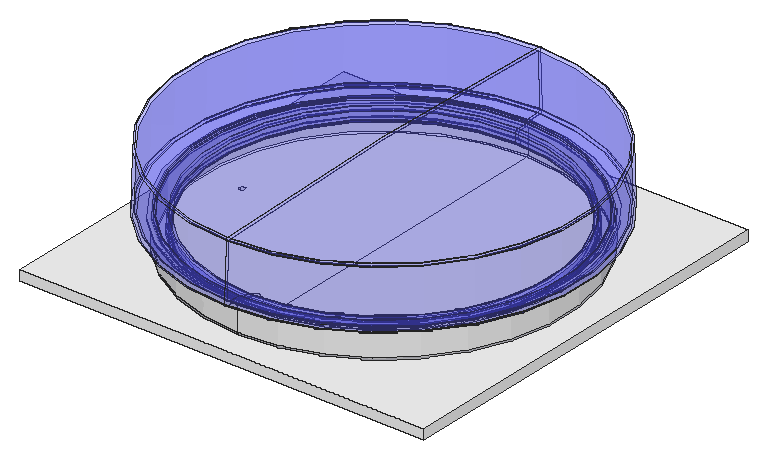
Revit family "BE_50080_de_DE", category Leuchten, Revit 2020
Family settings
  Basisbauteil = Fläche
  Bemaßung runder Anschluss = Durchmesser verwenden
  Teiletyp = Normal
  Beim Laden mit Abzugskörper schneiden = Ja
  Lichtquelle = Ja
  Gemeinsam genutzt = Nein
  Raumberechnungspunkt = Ja
Parameters (values of type "BEGA_50080_K4")
  built-in parameter 1150104 = 12.105 (stored number, unit not read)
  Wattage = 37.8 W
  Default Elevation = 0 mm
  built-in parameter 1150113 = 1 (stored number, unit not read)
  built-in parameter 1114218 = 1 (stored number, unit not read)
  Umgebungstemperatur = "25 °C"
  URL = "https://www.bega.com/de/produkt/50080"
  Typenkommentare = "© 2022 BEGA. Wir behalten uns das Recht vor, technische Änderungen ohne vorherige Ankündigung vorzunehmen."  # constant formula
  built-in parameter 1150134 = 12
  built-in parameter 1150109 = 1 (stored number, unit not read)
  Strom = ""
  built-in parameter 1150110 = 1 (stored number, unit not read)
  Spannung = 239.996 V
  Sonderanfertigung = no
  Seriennummer [instance] = "Hier können Sie die eindeutige Seriennummer für das Facility Management eintragen."
  Schutzklasse = "I"
  Schutzart = "IP 44"
  Scheinlast = 0 VA
  Produktdatenblatt = "https://cdn.bega.com/bega/products/50080K3/current/documents/data-sheets/de"
  Oberflächentemperatur = ""
  Neigungswinkel = 0.00°
  Modell = "50080K4"
  Material_17 = BEGA_Reflektor
  Material_15 = BEGA_Leuchtmedium_matt
  Material_11 = BEGA_Glas_opal
  Material_09 = BEGA_Glas_klar
  Material_06 = BEGA_Oberfläche_Edelstahl_gebürstet
  Material_03 = BEGA_Oberfläche_Weiss_matt
  Material_02 = BEGA_Oberfläche_Silber_matt
  Material_01 [instance] = BEGA_Oberfläche_Grafit_matt
  M_W = no
  M_G = no
  M_A = no
  Logo = 0
  built-in parameter 1114217 = 1 (stored number, unit not read)
  built-in parameter 1150139 = (empty or 0)
  built-in parameter 1150105 = 1359.4 (stored number, unit not read)
  built-in parameter 1150114 = 1 (stored number, unit not read)
  Lumens = 4925.34 lm
  built-in parameter 1150115 = 1 (stored number, unit not read)
  Leuchtenlichtstrom = "3457 lm"
  Leuchtenanzahl = ""
  Lebensdauerkriterien = "L70B50 @ 25 °C = 135000 h"
  Lastklassifizierung = Beleuchtung
  built-in parameter 1150112 = 1 (stored number, unit not read)
  Lampenlichtstrom = "4720 lm"
  Lampe = "LED 31.8 W"
  LED_Modulbezeichnung = "LED-0531/940"
  Hersteller = "BEGA"  # constant formula
  Halbstreuwinkel = ""
  Gewicht = "3.9 kg"
  Gebrauchslageneinschränkung [instance] = ""
  Frequenz = "0/50-60 Hz"
  Farbwiedergabeindex = "CRI > 90"
  Farbtemperaturverschiebung bei Dämpfen der Lampe = <Keine Auswahl>
  Farbtemperatur = "4000 K"
  Color Filter = 16777215
  built-in parameter 1150133 = 10 (stored number, unit not read)
  Energieeffizienzklasse = "LED A++ - A"
  built-in parameter 1150137 = (empty or 0)
  built-in parameter 1150132 = (empty or 0)
  ENEC = "ja"
  Dimmbar [instance] = "DALI"
  Datei für fotometrisches Netz = "BE_50080K4.IES"
  CE_Konformität = "ja"
  Bestellnummer = "50080K4"
  Beschreibung_Sonderanfertigung = "Hier können Sie Informationen zur Sonderanfertigung eintragen."
  Beschreibung = "Decken- und Wandleuchte"
  built-in parameter 1150106 = 13.594 (stored number, unit not read)
  Befestigungsbohrung = "Ø 5,5 mm"
  Befestigungsabstand = "280 mm"
  Ballwurfsicher = ""
  BEGA_Intern_aus = yes
  BEGA_Intern_an = yes
  BEGA_Intern_Konstruktion = yes
  BEGA_Intern = yes
  BEGA_IES = yes
  BEGA_Dummy = no
  Anschlussleitung = ""
  Anschlussleistung [instance] = "35 W"
  Anschlusskasten = ""
  built-in parameter 1150107 = 4000 (stored number, unit not read)
  built-in parameter 1150102 = (empty or 0)
  built-in parameter 1150138 = (empty or 0)
  Aktualisierung = "2022-05-18T04:00:07"
  Abstand_zur_angestrahlten_Fläche [instance] = ""
  AC/DC = "AC/DC"
Types (2, lengths in mm): name | built-in parameter 1150104 | built-in parameter 1150134 | Modell | built-in parameter 1150105 | Lumens | Leuchtenlichtstrom | Lampenlichtstrom | LED_Modulbezeichnung | Farbtemperatur | Datei für fotometrisches Netz | Bestellnummer | built-in parameter 1150106 | built-in parameter 1150107
  BEGA_50080_K3 | 11.678 (stored number, unit not read) | (empty or 0) | "50080K3" | 378.11 (stored number, unit not read) | 4751.46 lm | "3402 lm" | "4645 lm" | "LED-0531/930" | "3000 K" | "BE_50080K3.IES" | "50080K3" | 3.7811 (stored number, unit not read) | 3000 (stored number, unit not read)
  BEGA_50080_K4 | 12.105 (stored number, unit not read) | 12 | "50080K4" | 1359.4 (stored number, unit not read) | 4925.34 lm | "3457 lm" | "4720 lm" | "LED-0531/940" | "4000 K" | "BE_50080K4.IES" | "50080K4" | 13.594 (stored number, unit not read) | 4000 (stored number, unit not read)
Reference planes
  plane 1 "Mitte (Vorne/Hinten)": y = 0
  plane 2: z = 0
  plane 3 "Mitte (Links/Rechts)": x = 0
  plane 4 "Links": x = -195.9
  plane 5 "Rechts": x = 195.9
  plane 6 "Unten": y = -195.948
  plane 7 "Oben": y = 195.948
  plane 8 "Vorne": z = 100.57
  plane 9 "Hinten": z = 0
Forms (mm)
  Extrusion 1, solid, material "BEGA_Platte_Weiss"
    sketch origin (0, -1119.2, 0) x (1, 0, 0) y (0, 1, 0)
      loop
        line (-200, 1319.2) -> (-200, 919.2) -> (200, 919.2) -> (200, 1319.2) -> (-200, 1319.2)
    from 0 to -10
  Extrusion 2, solid, material "BEGA_Dummy_matt", visible <- "BEGA_Dummy"
    sketch origin (77.149, -76.023, 0) x (1, 0, 0) y (0, 1, 0)
      loop
        circle (-77.149, 76.023) r 195.901
    from 0 to 100.57
Dimensions and locks
  plane 1 "Mitte (Vorne/Hinten)" to Extrusion 1 = 200 mm
  aligned and locked: plane 2 to Extrusion 1
  aligned and locked: level to Extrusion 1
Nested families
  nested 1: "BE_50080" at (0, 0, 0), type "BE_50080"
Connectors
  electrical at (0, 0, 0), driven by "Lastklassifizierung", driven by "Spannung", driven by "Scheinlast"
    settings: index 1, voltage 239.996 V, apparent load 0 VA, apparent load phase1 0 VA, apparent load phase2 0 VA, apparent load phase3 0 VA, power factor 1, load classification "Beleuchtung", number of poles 1, system type 31, power factor state 1, is connector primary yes, connector utility no, sub classification motor no, connector description ""
Definition of nested family "BE_50080"
  Parameters (values of type "BE_50080")
    Default Elevation = 1 mm
    URL = "http://www.bega.de/de/produkt"
    Type Comments = "© 2015 BEGA. Wir behalten uns das Recht vor, technische Änderungen ohne vorherige Ankündigung vorzunehmen. "  # constant formula
    Type Image = (empty or 0)
    Neigungswinkel_um_Z2 = 0.00°
    Neigungswinkel_um_Z1 = 0.00°
    Neigungswinkel_um_Y2 = 0.00°
    Neigungswinkel_um_Y1 = 0.00°
    Neigungswinkel_um_X2 = 0.00°
    Neigungswinkel_um_X1 = 0.00°
    Material_17 = none
    Material_15 = none
    Material_11 = none
    Material_09 = none
    Material_06 = none
    Material_05 = none
    Material_03 = none
    Material_02 = none
    Material_01 = none
    M_W = yes
    M_G = yes
    M_A = yes
    Länge_Platte = 500 mm  # constant formula
    Höhe_Platte = -10 mm  # constant formula
    Manufacturer = "BEGA"  # constant formula
    Drehwinkel_um_Z2 = 0.00°
    Drehwinkel_um_Z1 = 0.00°
    Breite_Platte = 500 mm  # constant formula
  Reference planes
    plane 1 "Mitte (Oben/Unten)": y = 0
    plane 2: z = 0
    plane 3 "Mitte (Links/Rechts)": x = 0
    plane 4: y = 195.948
    plane 5: z = 100.57
    plane 6: y = -195.948
    plane 7: x = -195.9
    plane 8: x = 195.9
  Forms (mm)
    Extrusion 1, solid, detail levels medium
      sketch origin (0, 0, 0) x (1, 0, 0) y (0, 1, 0)
        loop
          line (-250, 250) -> (-250, -250) -> (250, -250) -> (250, 250) -> (-250, 250)
      from 0 to -10 <- "Höhe_Platte"
    Revolve 2, solid, material <- "Material_03", detail levels medium+fine
      sketch origin (0, 0, 0) x (0, 1, 0) y (0, 0, 1)
        loop
          line (0, 5) -> (0, 3) -> (177.102, 3)
          arc (177.102, 3) -> (179.205, 3.86) -> (180.102, 5.948) r 3
          line (180.102, 5.948) -> (180.531, 30.535)
          arc (180.531, 30.535) -> (181.307, 32.082) -> (183, 32.444) r 2
          line (183, 32.444) -> (183, 34.472)
          arc (183, 34.472) -> (179.901, 33.514) -> (178.531, 30.573) r 4
          line (178.531, 30.573) -> (178.102, 5.981)
          arc (178.102, 5.981) -> (177.803, 5.286) -> (177.102, 5) r 1
          line (177.102, 5) -> (0, 5)
        axis (0, 3) -> (0, 34.472)
      angle from 0 to 360
    Extrusion 3, void
      sketch origin (0, 0, 0) x (1, 0, 0) y (0, 1, 0)
        loop
          circle (-25, -130) r 8.5
        loop
          circle (25.021, -130) r 8.5
        loop
          circle (-140, 0) r 2.75
        loop
          circle (140, 0) r 2.75
      from 0 to 8
    Revolve 4, solid, material <- "Material_11", detail levels medium+fine
      sketch origin (0, 0, 0) x (0, 1, 0) y (0, 0, 1)
        loop
          line (0, 100.57) -> (0, 97.57)
          arc (0, 97.57) -> (95.778, 96.356) -> (191.494, 92.716) r 3779.995
          line (191.494, 92.716) -> (192.871, 40.123)
          arc (192.871, 40.123) -> (192.332, 38.691) -> (190.939, 38.058) r 2
          line (190.939, 38.058) -> (177.717, 37.597)
          arc (177.717, 37.597) -> (177.031, 37.293) -> (176.75, 36.597) r 1
          line (176.75, 36.597) -> (176.75, 35)
          arc (176.75, 35) -> (176.604, 34.646) -> (176.25, 34.5) r 0.5
          line (176.25, 34.5) -> (166.5, 34.5)
          arc (166.5, 34.5) -> (164.379, 33.621) -> (163.5, 31.5) r 3
          line (163.5, 31.5) -> (163.5, 23.458)
          arc (163.5, 23.458) -> (163.971, 22.169) -> (165.161, 21.487) r 2
          arc (165.161, 21.487) -> (165.762, 21.148) -> (166, 20.5) r 1
          line (166, 20.5) -> (166, 19.5) -> (169, 19.5) -> (169, 23.062)
          arc (169, 23.062) -> (168.793, 23.671) -> (168.259, 24.028) r 1
          line (168.259, 24.028) -> (167.241, 24.301)
          arc (167.241, 24.301) -> (166.707, 24.658) -> (166.5, 25.266) r 1
          line (166.5, 25.266) -> (166.5, 31.5) -> (176.75, 31.5)
          arc (176.75, 31.5) -> (178.929, 32.438) -> (179.745, 34.666) r 3
          line (179.745, 34.666) -> (194.019, 35.164)
          arc (194.019, 35.164) -> (195.406, 35.793) -> (195.948, 37.215) r 2
          line (195.948, 37.215) -> (194.469, 93.72)
          arc (194.469, 93.72) -> (193.901, 95.064) -> (192.571, 95.665) r 2
          arc (192.571, 95.665) -> (96.317, 99.343) -> (0, 100.57) r 3782.995
        axis (0, 100.57) -> (0, 19.5)
      angle from 0 to 360
    Revolve 5, solid, material <- "Material_03", detail levels medium+fine
      sketch origin (-116.673, -18.46, 0) x (0, -1, 0) y (0, 0, -1)
        loop
          line (98.302, 0) -> (98.302, -3.455) -> (106.706, -3.455)
          arc (106.706, -3.455) -> (102.838, -0.914) -> (98.302, 0) r 12.167
        axis (98.302, 0) -> (98.302, -3.455)
      angle from 0 to 360
    Revolve 6, solid, material <- "Material_03", detail levels medium+fine
      sketch origin (116.673, -18.46, 0) x (0, -1, 0) y (0, 0, 1)
        loop
          arc (98.302, 0) -> (102.838, 0.914) -> (106.706, 3.455) r 12.167
          line (106.706, 3.455) -> (98.302, 3.455) -> (98.302, 0)
        axis (98.302, 0) -> (98.302, 3.455)
      angle from 0 to 360
    Revolve 7, solid, material <- "Material_03", detail levels medium+fine
      sketch origin (-116.673, 18.46, 0) x (0, 1, 0) y (0, 0, 1)
        loop
          arc (98.302, 0) -> (102.838, 0.914) -> (106.706, 3.455) r 12.167
          line (106.706, 3.455) -> (98.302, 3.455) -> (98.302, 0)
        axis (98.302, 0) -> (98.302, 3.455)
      angle from 0 to 360
    Revolve 8, solid, material <- "Material_03", detail levels medium+fine
      sketch origin (116.673, 18.46, 0) x (0, 1, 0) y (0, 0, -1)
        loop
          line (98.302, 0) -> (98.302, -3.455) -> (106.706, -3.455)
          arc (106.706, -3.455) -> (102.838, -0.914) -> (98.302, 0) r 12.167
        axis (98.302, 0) -> (98.302, -3.455)
      angle from 0 to 360
  Cuts and joins
    Extrusion 3 cuts Revolve 2
    joined: Revolve 2, Revolve 5, Revolve 6, Revolve 7, Revolve 8
  Dimensions and locks
    equal spacing: Extrusion 1 sketch curve, plane 3 "Mitte (Links/Rechts)", Extrusion 1 sketch curve
    equal spacing: Extrusion 1 sketch curve, plane 1 "Mitte (Oben/Unten)", Extrusion 1 sketch curve
    "Länge_Platte": Extrusion 1 sketch curve to Extrusion 1 sketch curve
    "Breite_Platte": Extrusion 1 sketch curve to Extrusion 1 sketch curve
    aligned and locked: Extrusion 1 to plane 2
    aligned and locked: level to Extrusion 1
  Automatic sketch dimensions
    Revolve 2 sketch curve to Revolve 2 sketch curve = 0 mm  (x11)
    Revolve 2 sketch curve to plane 1 "Mitte (Oben/Unten)" = 0 mm  (x2)
    level to Revolve 2 sketch curve = 5.981 mm
    Revolve 2 sketch curve to Revolve 2 sketch curve = 1 mm
    level to Revolve 2 sketch curve = 5.948 mm
    Revolve 2 sketch curve to Revolve 2 sketch curve = 2 mm  (x3)
    Revolve 2 sketch curve to Revolve 2 sketch curve = 3.999 mm
    Revolve 2 sketch curve to Revolve 2 sketch curve = 0.469 mm
    level to Revolve 2 sketch curve = 5 mm
    Revolve 2 sketch curve to Revolve 2 sketch curve = 24.552 mm
    Revolve 2 sketch curve to Revolve 2 sketch curve = 0.073 mm
    Revolve 2 sketch curve to Revolve 2 sketch curve = 1.944 mm
    Revolve 2 sketch curve to Revolve 2 sketch curve = 4.124 mm
    plane 1 "Mitte (Oben/Unten)" to Extrusion 3 sketch curve = 0 mm  (x2)
    Extrusion 3 sketch curve to plane 3 "Mitte (Links/Rechts)" = 25 mm
    plane 3 "Mitte (Links/Rechts)" to Extrusion 3 sketch curve = 25.021 mm
    Revolve 4 sketch curve to Revolve 4 sketch curve = 0 mm  (x22)
    Revolve 4 sketch curve to plane 1 "Mitte (Oben/Unten)" = 0 mm  (x2)
    plane 1 "Mitte (Oben/Unten)" to Revolve 4 sketch curve = 0.015 mm
    Revolve 4 sketch curve to Revolve 4 sketch curve = 0.5 mm  (x3)
    Revolve 4 sketch curve to Revolve 4 sketch curve = 1 mm  (x4)
    Revolve 4 sketch curve to Revolve 4 sketch curve = 0.967 mm
    Revolve 4 sketch curve to Revolve 4 sketch curve = 1.995 mm
    Revolve 4 sketch curve to Revolve 4 sketch curve = 11.127 mm
    Revolve 4 sketch curve to Revolve 4 sketch curve = 0.067 mm
    Revolve 4 sketch curve to Revolve 4 sketch curve = 0.975 mm
    Revolve 4 sketch curve to Revolve 4 sketch curve = 1.999 mm  (x4)
    Revolve 4 sketch curve to Revolve 4 sketch curve = 3.01 mm
    Revolve 4 sketch curve to Revolve 4 sketch curve = 0.07 mm
    level to Revolve 4 sketch curve = 40.123 mm
    Revolve 4 sketch curve to Revolve 4 sketch curve = 0.066 mm
    Revolve 4 sketch curve to Revolve 4 sketch curve = 0.462 mm
    Revolve 4 sketch curve to Revolve 4 sketch curve = 0.896 mm
    Revolve 4 sketch curve to Revolve 4 sketch curve = 1.597 mm
    Revolve 4 sketch curve to Revolve 4 sketch curve = 1.932 mm
    Revolve 4 sketch curve to Revolve 4 sketch curve = 3 mm  (x4)
    Revolve 4 sketch curve to Revolve 4 sketch curve = 6.233 mm
    Revolve 4 sketch curve to Revolve 4 sketch curve = 0.001 mm  (x2)
    Revolve 4 sketch curve to Revolve 4 sketch curve = 1.808 mm
    Revolve 4 sketch curve to Revolve 4 sketch curve = 2.206 mm
    Revolve 4 sketch curve to Revolve 4 sketch curve = 2.958 mm
    Revolve 4 sketch curve to level = 3682.425 mm
    Revolve 4 sketch curve to Revolve 4 sketch curve = 0.952 mm
    Revolve 4 sketch curve to Revolve 4 sketch curve = 0.161 mm
    Revolve 4 sketch curve to Revolve 4 sketch curve = 0.259 mm  (x2)
    Revolve 4 sketch curve to Revolve 4 sketch curve = 0.102 mm
    Revolve 5 sketch curve to level = 0 mm
    level to Revolve 5 sketch curve = 12.167 mm
    level to Revolve 5 sketch curve = 3.455 mm
    Revolve 5 sketch curve to Revolve 5 sketch curve = 0.089 mm
    Revolve 5 sketch curve to Revolve 5 sketch curve = 8.403 mm
    Revolve 5 sketch curve to Revolve 5 sketch curve = 0 mm
    Revolve 5 sketch curve to Revolve 5 sketch curve = 0.844 mm
    Revolve 6 sketch curve to level = 0 mm
    level to Revolve 6 sketch curve = 12.167 mm
    level to Revolve 6 sketch curve = 3.455 mm
    Revolve 6 sketch curve to Revolve 6 sketch curve = 0.089 mm
    Revolve 6 sketch curve to Revolve 6 sketch curve = 8.403 mm
    Revolve 6 sketch curve to Revolve 6 sketch curve = 0 mm
    Revolve 6 sketch curve to Revolve 6 sketch curve = 0.844 mm
    Revolve 7 sketch curve to level = 0 mm
    level to Revolve 7 sketch curve = 12.167 mm
    level to Revolve 7 sketch curve = 3.455 mm
    Revolve 7 sketch curve to Revolve 7 sketch curve = 0.089 mm
    Revolve 7 sketch curve to Revolve 7 sketch curve = 8.403 mm
    Revolve 7 sketch curve to Revolve 7 sketch curve = 0 mm
    Revolve 7 sketch curve to Revolve 7 sketch curve = 0.844 mm
    Revolve 8 sketch curve to level = 0 mm
    level to Revolve 8 sketch curve = 12.167 mm
    level to Revolve 8 sketch curve = 3.455 mm
    Revolve 8 sketch curve to Revolve 8 sketch curve = 0.089 mm
    Revolve 8 sketch curve to Revolve 8 sketch curve = 8.403 mm
    Revolve 8 sketch curve to Revolve 8 sketch curve = 0 mm
    Revolve 8 sketch curve to Revolve 8 sketch curve = 0.844 mm
    Revolve 2 sketch curve to plane 1 "Mitte (Oben/Unten)" = 177.102 mm
    Revolve 2 sketch curve to Revolve 2 sketch curve = 0.429 mm
    Revolve 4 sketch curve to plane 1 "Mitte (Oben/Unten)" = 165 mm
    Revolve 4 sketch curve to Revolve 4 sketch curve = 0.759 mm
    Revolve 4 sketch curve to Revolve 4 sketch curve = 9.75 mm
    Revolve 4 sketch curve to Revolve 4 sketch curve = 1.377 mm
    Revolve 7 sketch curve to plane 1 "Mitte (Oben/Unten)" = 116.673 mm
    Revolve 8 sketch curve to plane 1 "Mitte (Oben/Unten)" = 116.673 mm
    Revolve 4 sketch curve to Revolve 4 sketch curve = 52.592 mm
    Revolve 4 sketch curve to Revolve 4 sketch curve = 23.175 mm
    Revolve 4 sketch curve to Revolve 4 sketch curve = 0.052 mm
    plane 1 "Mitte (Oben/Unten)" to Extrusion 3 sketch curve = 130 mm
    Extrusion 3 sketch curve to Extrusion 3 sketch curve = 0 mm
    plane 1 "Mitte (Oben/Unten)" to Revolve 5 sketch curve = 116.673 mm
    plane 1 "Mitte (Oben/Unten)" to Revolve 6 sketch curve = 116.673 mm
    Extrusion 3 sketch curve to plane 3 "Mitte (Links/Rechts)" = 140 mm
    plane 3 "Mitte (Links/Rechts)" to Extrusion 3 sketch curve = 140 mm
    radius of Extrusion 3 sketch curve = 8.5 mm  (x2)
    radius of Extrusion 3 sketch curve = 2.75 mm  (x2)
